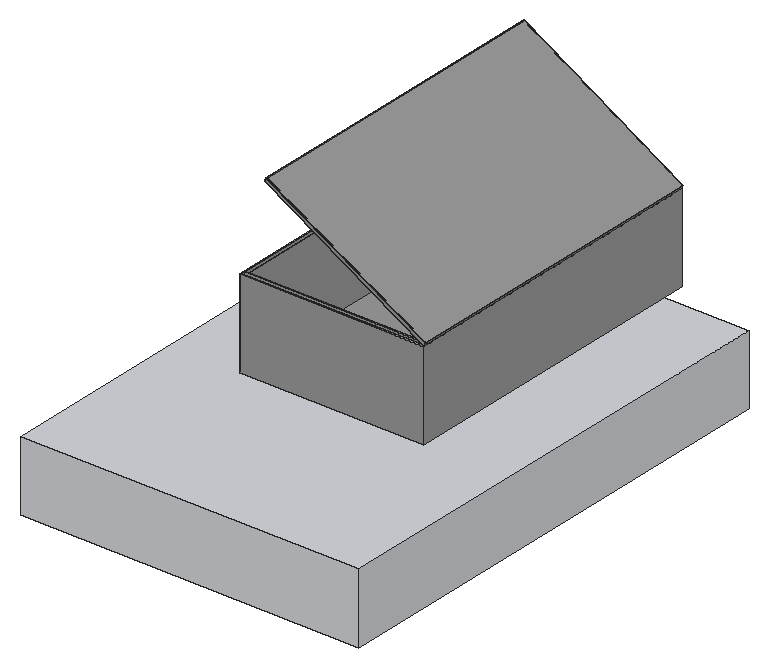
Revit family "Hager-Univers-IP55-D400-H1400-Cl.II-Steel_encl-BE-fr", category Equipement électrique, Revit 2020
Family settings
  Hôte = Face
  Configuration du panneau = Deux colonnes, circuits au sein
  Cote de connecteur circulaire = Utiliser le diamètre
  Type d'élément = Tableau de raccordement
  Couper avec des vides une fois chargée = Non
  Partagée = Non
  Point de calcul de pièce = Non
Parameters (values of type "saillie IP55 L800 H1400 P400  - FR93H")
  Width Control [instance] = if([EF000008 - largeur] > Min Width, [EF000008 - largeur], Min Width)  # 800 mm
  Commentaires du type = [HG000003 - Gamme]  # "Univers"
  Thickness Door [instance] = if([EF009171 - épaisseur de matériau de la porte/du couvercle] > 3 mm, 3 mm, [EF009171 - épaisseur de matériau de la porte/du couvercle])  # 1.5 mm
  Seal Frame Offset [instance] = 17 mm  # constant formula
  Plinth Visibility [instance] = [HG000027 - Hauteur du socle] > 0 mm  # no
  Model = ""
  Min Width [instance] = 100 mm  # constant formula
  Min Height [instance] = 100 mm  # constant formula
  Min Depth [instance] = (2 * [EF009170 - épaisseur de matériau du boîtier]) + 1 mm  # 4 mm
  Internal Frame Depth [instance] = (Door System Depth * 0.5)  # 9 mm
  Height Control [instance] = if([EF000040 - hauteur] > Min Height, [EF000040 - hauteur], Min Height)  # 1400 mm
  HG000027 - Hauteur du socle = 0 mm
  HG000026 - Installation au sol = no
  HG000024 - Hauteur de la section basse = 800 mm
  HG000023 - Armoire double section = no
  HG000016 - Visibilité de la porte 3D [instance] = yes
  HG000015 - Visibilité de l'emprise de la porte [instance] = no
  HG000014 - Porte à droite [instance] = yes
  HG000013 - Porte à gauche [instance] = not([HG000014 - Porte à droite])  # no
  HG000012 - Angle de pivotement de la porte [instance] = 30.00°
  HG000010 - Portes asymétriques = no
  HG000009 - Porte à double battant = no
  HG000006 - Encastré = no
  HG000004 - Référence fabricant = "FR93H"
  HG000003 - Gamme = "Univers"
  HG000002 - avec porte = yes
  Frame Offset Bottom [instance] = 10 mm  # constant formula
  Frame Offset [instance] = 15 mm  # constant formula
  EF015940 - couvercle avec décharge de pression = no
  EF011959 - degré de protection (NEMA) = ""
  EF009554 - nombre d'ouvertures pour plaques à bride = 6
  Fabricant = "Hager"  # constant formula
  EF009212 - finition du couvercle = "EV000116 - fermé"
  EF009171 - épaisseur de matériau de la porte/du couvercle = 1.5 mm
  EF009170 - épaisseur de matériau du boîtier = 1.5 mm
  EF008873 - courant nominal (In) = 800 A
  EF007800 - adapté à un parafoudre = no
  EF006306 - avec serrure = no
  EF006244 - couvercle/porte transparent(e) = no
  EF005474 - indice de protection (IP) = "EV006420 - IP55"
  EF004464 - type de porte = "EV002646 - unique"
  EF004427 - nombre de modules = 324
  EF004293 - indice de protection contre les chocs (IK) = "EV008784 - IK10"
  EF003532 - convient pour utilisation à l’extérieur = no
  EF002950 - largeur en nombre de modules = 24
  EF001613 - maintien de fonction = "EV000494 - sans"
  EF001596 - matériau du boîtier/corps = "EV000179 - acier"
  EF001131 - profondeur intérieure = 400 mm
  EF001088 - possibilité de montage en saillie = yes
  EF000437 - nombre d'entrées de conduit = 6
  EF000339 - type de capot = "EV004216 - porte"
  EF000266 - nombre de rangées = 9
  EF000218 - profondeur d'encastrement = 0 mm
  EF000118 - avec cadre/support de montage = no
  EF000116 - numéro RAL = "7035"
  EF000049 - profondeur = 400 mm
  EF000040 - hauteur = 1400 mm
  EF000008 - largeur = 800 mm
  EF000007 - couleur = "EV000270 - gris"
  EF000003 - mode de pose = "EV000384 - saillie"
  Door System Leaf Tolerance [instance] = 1.5 mm  # constant formula
  Door System Depth [instance] = 18 mm  # constant formula
  Door Height [instance] = Height Control - [HG000027 - Hauteur du socle]  # 1400 mm
  Depth Control [instance] = if([EF000049 - profondeur] > Min Depth, [EF000049 - profondeur], Min Depth)  # 400 mm
  Default Elevation = 0 mm
  Connector Offset [instance] = Height Control / 2  # 700 mm
  Bottom Top Plate Trim [instance] = 1.5 mm  # constant formula
  Plinth height Ctrl [instance] = if([HG000027 - Hauteur du socle] > 0 mm, [HG000027 - Hauteur du socle], 12 mm)  # 12 mm
Types (3, lengths in mm): name | Width Control | HG000009 - Porte à double battant | HG000004 - Référence fabricant | EF009554 - nombre d'ouvertures pour plaques à bride | EF004464 - type de porte | EF004427 - nombre de modules | EF000437 - nombre d'entrées de conduit | EF000008 - largeur
  saillie IP55 L1050 H1400 P400  - FR94H | 1050 | yes | "FR94H" | 8 | "EV003602 - double" | 432 | 8 | 1050
  saillie IP55 L550 H1400 P400  - FR92H | 550 | no | "FR92H" | 4 | "EV002646 - unique" | 216 | 4 | 550
  saillie IP55 L800 H1400 P400  - FR93H | 800 | no | "FR93H" | 6 | "EV002646 - unique" | 324 | 6 | 800
Reference planes
  plane 1 "Center (Front/Back)": y = 0
  plane 2: z = 0
  plane 3 "Center (Left/Right)": x = 0
  plane 4: z = 400
  plane 5: y = 1.5
  plane 6: y = 700
  plane 7: y = 0
  plane 8: y = 1400
  plane 9: z = 0
  plane 10: x = -385
  plane 11: x = 385
  plane 12: x = 383.5
  plane 13: x = -383.5
  plane 14: y = 1398.5
  plane 15: x = -383
  plane 16: x = -400
  plane 17: x = 383
  plane 18: x = 400
  plane 19: x = 398.5
  plane 20: x = -398.5
  plane 21: y = 11.5
  plane 22: y = 1400
  plane 23: y = 1383.5
  plane 24: z = 382
  plane 25: z = 1.5
  plane 26: z = 380.5
  plane 27: z = 398.5
Forms (mm)
  Extrusion 1, solid
    sketch origin (0, 0, 0) x (1, 0, 0) y (0, 1, 0)
      loop
        line (-702.964, 1305) -> (-702.964, -811.445) -> (766.763, -811.445) -> (766.763, 1305) -> (-702.964, 1305)
    from 0 to -304.8
  Extrusion 2, solid, material "Hager_Steel_RAL7035_Light_Grey", visible <- "Plinth Visibility", detail levels medium+fine
    sketch origin (0, 0, 0) x (1, 0, 0) y (0, 1, 0)
      loop
        line (-400, 0) -> (400, 0) -> (400, 12) -> (-400, 12) -> (-400, 0)
    from 0 to 382
  Extrusion 3, solid, material "Hager_Steel_RAL7035_Light_Grey", detail levels medium+fine
    sketch origin (0, 0, 0) x (1, 0, 0) y (0, 1, 0)
      loop
        line (-400, 0) -> (400, 0) -> (400, 1400) -> (-400, 1400) -> (-400, 0)
    from 0 to 382
  Extrusion 4, void
    sketch origin (0, 0, 0) x (1, 0, 0) y (0, 1, 0)
      loop
        line (-398.5, 1.5) -> (398.5, 1.5) -> (398.5, 1398.5) -> (-398.5, 1398.5) -> (-398.5, 1.5)
    from 1.5 to 380.5
  Extrusion 5, void
    sketch origin (-381.607, -4572, 382) x (0, -1, 0) y (-1, 0, 0)
      loop
        line (-4583.5, 1.893) -> (-5955.5, 1.893) -> (-5955.5, -765.107) -> (-4583.5, -765.107) -> (-4583.5, 1.893)
    from 0 to 1.5 <- "EF009170 - épaisseur de matériau du boîtier"
  Extrusion 6, solid, material "Hager_Steel_RAL7035_Light_Grey", detail levels fine
    sketch origin (0, 0, 382) x (1, 0, 0) y (0, 1, 0)
      loop
        line (-383.5, 1383.5) -> (-383.5, 11.5) -> (383.5, 11.5) -> (383.5, 1383.5) -> (-383.5, 1383.5)
      loop
        line (-385, 10) -> (385, 10) -> (385, 1385) -> (-385, 1385) -> (-385, 10)
    from 0 to 9 <- "Internal Frame Depth"
  Extrusion 7, solid, material "Hager_Steel_RAL7035_Light_Grey", detail levels coarse
    sketch origin (0, 0, 0) x (1, 0, 0) y (0, 1, 0)
      loop
        line (-400, 0) -> (400, 0) -> (400, 1400) -> (-400, 1400) -> (-400, 0)
    from 0 to 400
  Sweep 8, void
    path in 3D
      loop
        line (-400, 12, 0) -> (400, 12, 0) -> (400, 12, 382) -> (-400, 12, 382) -> (-400, 12, 0)
    profile origin (-400, 12, 191) x (-1, 0, 0) y (0, -1, 0)
      loop
        line (0, 0) -> (0, 1.5) -> (-1.5, 1.5)
        arc (-1.5, 1.5) -> (-1.061, 0.439) -> (0, 0) r 1.5
Cuts and joins
  Extrusion 4, Extrusion 5 cuts Extrusion 3
  Sweep 8 cuts Extrusion 2
Lines and regions (mm)
  Masking region 1
    outline origin (0, 0, 0) x (1, 0, 0) y (0, 0, 1)
      loop
        line (-400, 400) -> (-400, 0) -> (400, 0) -> (400, 400) -> (-400, 400)
  Masking region 2, detail levels medium+fine
    outline origin (0, 140, 0) x (0, 1, 0) y (0, 0, 1)
      loop
        line (-140, 0) -> (1260, 0) -> (1260, 382) -> (-140, 382) -> (-140, 0)
  Masking region 3, not visible, detail levels medium+fine
    outline origin (0, 297.922, 0) x (0, 1, 0) y (0, 0, 1)
      loop
        line (413.578, 0) -> (453.578, 0) -> (453.578, 388.5)
        arc (453.578, 388.5) -> (450.649, 395.571) -> (443.578, 398.5) r 10
        line (443.578, 398.5) -> (413.578, 398.5) -> (413.578, 0)
  Masking region 4, detail levels coarse
    outline origin (0, 0, 180) x (0, 1, 0) y (0, 0, 1)
      loop
        line (0, -180) -> (1400, -180) -> (1400, 220) -> (0, 220) -> (0, -180)
  Masking region 5, visible <- "Plinth Visibility", detail levels medium+fine
    outline origin (0, 52.24, 12.345) x (0, 0, -1) y (0, 1, 0)
      loop
        line (10.845, -40.24) -> (-368.155, -40.24)
        arc (-368.155, -40.24) -> (-368.594, -41.301) -> (-369.655, -41.74) r 1.5
        line (-369.655, -41.74) -> (-369.655, -52.24) -> (12.345, -52.24) -> (12.345, -41.74)
        arc (12.345, -41.74) -> (11.285, -41.301) -> (10.845, -40.24) r 1.5
  Masking region 6, detail levels medium+fine
    outline origin (-381.607, -4572, 382) x (-1, 0, 0) y (0, -1, 0)
      loop
        line (18.393, -5972) -> (18.393, -4572) -> (-781.607, -4572) -> (-781.607, -5972) -> (18.393, -5972)
  Masking region 7, visible <- "Plinth Visibility", detail levels medium+fine
    outline origin (-381.607, -4727, 382) x (-1, 0, 0) y (0, -1, 0)
      loop
        arc (16.893, -4739) -> (17.332, -4737.939) -> (18.393, -4737.5) r 1.5
        line (18.393, -4737.5) -> (18.393, -4727) -> (-781.607, -4727) -> (-781.607, -4737.5)
        arc (-781.607, -4737.5) -> (-780.546, -4737.939) -> (-780.107, -4739) r 1.5
        line (-780.107, -4739) -> (16.893, -4739)
  Masking region 8, detail levels coarse
    outline origin (-442.548, -4669.526, 382) x (-1, 0, 0) y (0, -1, 0)
      loop
        line (-42.548, -6069.526) -> (-42.548, -4669.526) -> (-842.548, -4669.526) -> (-842.548, -6069.526) -> (-42.548, -6069.526)
  sketch lines
    curve 1: line (-400, 12, 382) -> (-400, 12, 0)
    curve 2: line (400, 12, 382) -> (-400, 12, 382)
    curve 3: line (400, 12, 382) -> (400, 12, 0)
    curve 4: line (-400, 12, 0) -> (400, 12, 0)
Dimensions and locks
  "Depth Control": plane 4 to Extrusion 1
  "HG000027 - Hauteur du socle": plane 1 "Center (Front/Back)" to plane 7
  "EF009170 - épaisseur de matériau du boîtier": plane 5 to plane 7
  locked: connector elem to plane 3 "Center (Left/Right)"
  equal spacing: plane 8, plane 6, plane 7
  locked: connector elem to plane 6
  "EF009170 - épaisseur de matériau du boîtier": plane 8 to plane 14
  "EF009170 - épaisseur de matériau du boîtier": plane 10 to plane 13
  "EF009170 - épaisseur de matériau du boîtier": plane 12 to plane 11
  "Frame Offset": plane 20 to plane 13
  "Frame Offset": plane 12 to plane 19
  "EF009170 - épaisseur de matériau du boîtier": plane 16 to plane 20
  "EF009170 - épaisseur de matériau du boîtier": plane 19 to plane 18
  "Seal Frame Offset": plane 16 to plane 15
  "Seal Frame Offset": plane 17 to plane 18
  "Frame Offset Bottom": plane 21 to plane 5
  "Frame Offset": plane 14 to plane 23
  equal spacing: plane 16, plane 3 "Center (Left/Right)", plane 18
  "Width Control": plane 16 to plane 18
  "EF009170 - épaisseur de matériau du boîtier": plane 4 to plane 27
  "EF009170 - épaisseur de matériau du boîtier": plane 24 to plane 26
  "EF009170 - épaisseur de matériau du boîtier": plane 25 to level
  "Door System Depth": plane 4 to plane 24
  "Height Control": plane 1 "Center (Front/Back)" to Extrusion 7 sketch curve
  "Height Control": Masking region 4 sketch curve to plane 1 "Center (Front/Back)"
  "Height Control": plane 1 "Center (Front/Back)" to plane 22
  "Bottom Top Plate Trim": profile plane to Sweep 8 sketch curve
  "Bottom Top Plate Trim": Sweep 8 sketch curve to profile plane
  "Plinth height Ctrl": plane 1 "Center (Front/Back)" to Extrusion 2 sketch curve
  "Plinth height Ctrl": Masking region 5 sketch curve to plane 1 "Center (Front/Back)"
  "Plinth height Ctrl": plane 1 "Center (Front/Back)" to Masking region 7 sketch curve
  "Thickness Door": Extrusion 6 sketch curve to Extrusion 6 sketch curve  (x3)
  "Thickness Door": cut or joined group of Extrusion 3, Extrusion 4, Extrusion 5 to Extrusion 6 sketch curve
  radius of Masking region 3 sketch curve = 10 mm
  "Bottom Top Plate Trim": radius of Masking region 5 sketch curve  (x2)
  "Bottom Top Plate Trim": radius of Sweep 8 sketch curve
  "Bottom Top Plate Trim": radius of Masking region 7 sketch curve  (x2)
  aligned and locked: plane 2 to Extrusion 1
  aligned and locked: level to Extrusion 1
  aligned and locked: level to Masking region 1 sketch curve
  aligned and locked: Masking region 1 sketch curve to plane 18
  aligned and locked: Masking region 1 sketch curve to plane 16
  aligned and locked: plane 7 to Masking region 2 sketch curve
  aligned and locked: level to Masking region 3 sketch curve
  aligned and locked: Masking region 3 sketch curve to plane 27
  aligned and locked: level to Masking region 2 sketch curve
  aligned and locked: plane 1 "Center (Front/Back)" to Extrusion 2 sketch curve
  aligned and locked: Extrusion 3 sketch curve to plane 7
  aligned and locked: plane 16 to Extrusion 3 sketch curve
  aligned and locked: plane 18 to Extrusion 3 sketch curve
  aligned and locked: plane 20 to Extrusion 4 sketch curve
  aligned and locked: plane 19 to Extrusion 4 sketch curve
  aligned and locked: Extrusion 4 sketch curve to plane 5
  aligned and locked: Extrusion 4 to plane 25
  aligned and locked: plane 26 to Extrusion 4
  aligned and locked: plane 24 to Extrusion 3
  aligned and locked: Extrusion 5 sketch curve to plane 21
  aligned and locked: Extrusion 5 sketch curve to plane 13
  aligned and locked: Extrusion 5 sketch curve to plane 12
  aligned and locked: plane 18 to Extrusion 7 sketch curve
  aligned and locked: plane 1 "Center (Front/Back)" to Extrusion 7 sketch curve
  aligned and locked: plane 16 to Extrusion 7 sketch curve
  aligned and locked: plane 4 to Extrusion 7
  aligned and locked: Extrusion 7 to level
  aligned and locked: level to Masking region 4 sketch curve
  aligned and locked: Masking region 4 sketch curve to plane 1 "Center (Front/Back)"
  aligned and locked: Masking region 4 sketch curve to plane 4
  aligned and locked: nested 1 to level
  aligned and locked: nested 1 to plane 16
  aligned and locked: plane 8 to Extrusion 3 sketch curve
  aligned and locked: plane 23 to Extrusion 5 sketch curve
  aligned and locked: plane 14 to Extrusion 4 sketch curve
  aligned and locked: Masking region 2 sketch curve to plane 8
  aligned and locked: level to Masking region 5 sketch curve
  aligned and locked: plane 16 to Extrusion 2 sketch curve
  aligned and locked: plane 18 to Extrusion 2 sketch curve
  aligned and locked: Masking region 5 sketch curve to plane 24
  aligned and locked: Masking region 2 sketch curve to plane 24
  aligned and locked: plane 24 to Extrusion 2
  aligned and locked: profile plane to Sweep 8 sketch curve  (x2)
  aligned and locked: Masking region 6 sketch curve to plane 18
  aligned and locked: Masking region 6 sketch curve to plane 22
  aligned and locked: Masking region 6 sketch curve to plane 16
  aligned and locked: plane 8 to plane 22
  aligned and locked: Masking region 6 sketch curve to plane 7
  aligned and locked: Masking region 7 sketch curve to plane 16
  aligned and locked: Masking region 7 sketch curve to plane 1 "Center (Front/Back)"
  aligned and locked: Masking region 7 sketch curve to plane 18
  aligned and locked: Masking region 8 sketch curve to plane 1 "Center (Front/Back)"
  aligned and locked: Masking region 8 sketch curve to plane 18
  aligned and locked: Masking region 8 sketch curve to plane 22
  aligned and locked: Masking region 8 sketch curve to plane 16
  aligned and locked: nested 2 to plane 7
  aligned and locked: plane 3 "Center (Left/Right)" to nested 2
  aligned and locked: nested 2 to plane 24
  aligned and locked: Extrusion 6 sketch curve to cut or joined group of Extrusion 3, Extrusion 4, Extrusion 5  (x4)
Automatic sketch dimensions
  Extrusion 1 sketch curve to Extrusion 1 sketch curve = 1469.727 mm
  Extrusion 1 sketch curve to Extrusion 1 sketch curve = 2116.445 mm
  Masking region 1 sketch curve to plane 4 = 0 mm
  plane 6 to Masking region 3 sketch curve = 11.5 mm
  Masking region 3 sketch curve to Masking region 3 sketch curve = 30 mm
  Masking region 5 sketch curve to plane 1 "Center (Front/Back)" = 0 mm
Nested families
  nested 1: "Hager_Enclosure_Symbol" at (-400, 0, 0) x (1, 0, 0) z (0, -1, 0), Height <- "Depth Control", Width <- "Width Control", type "Hager_Enclosure_Symbol"
    with Width_Ctrl 800 mm, Width 800 mm, Height_Ctrl 400 mm, Height 400 mm, A_Width_Int 26.25 mm, A_Width 315 mm, A_Height_Ctrl 350 mm, A_Height 350 mm
  nested 2: "EC000058_Univers_Door" at (0, 0, 382) x (1, 0, 0) z (0, 1, 0), Leaf_Tolerance <- "Door System Leaf Tolerance", Angle <- "HG000012 - Angle de pivotement de la porte", Door_Depth <- "Door System Depth", Door_Left <- "HG000013 - Porte à gauche", Transparent <- "EF006244 - couvercle/porte transparent(e)", Assymetrical <- "HG000010 - Portes asymétriques", Width <- "Width Control", Clearance <- "HG000015 - Visibilité de l'emprise de la porte", Double <- "HG000009 - Porte à double battant", 3d_Door <- "HG000016 - Visibilité de la porte 3D", Lock_Visibility <- "EF006306 - avec serrure", Width_Ctrl <- "Width Control", Door_Right <- "HG000014 - Porte à droite", Door <- "HG000002 - avec porte", Height <- "Door Height", Thickness <- "Thickness Door", type "EC000058_Univers_Door", detail levels medium+fine
    with min_wh 4 mm, Width_Ctrl 800 mm, Width 800 mm, Transparent no, Thickness 1.5 mm, Seal_Material Hager_Rubber, Lock_Visibility no, Lock_Material Hager_Plastic_RAL9005_Jet_Black, Leaf_Width 800 mm, Leaf_Tolerance_External_Sides 0 mm, Leaf_Tolerance 1.5 mm, Leaf_Offset 0 mm, Leaf_Height 1397 mm, Leaf_2_Width 800 mm, Leaf_2_Offset 400 mm, Leaf_1_Width 800 mm, Leaf_1_Offset 400 mm, Height_Ctrl 1400 mm, Height 1400 mm, Glass_Material Hager_Glass, Double_Clearance_Ctrl no, Double no, Door_Right_Ctrl yes, Door_Right yes, Door_Material Hager_Steel_RAL7035_Light_Grey, Door_Left_Ctrl no, Door_Left no, Door_Depth 18 mm, Door yes, Clearance_Material Hager_Clearance, Clearance_Depth 800 mm, Clearance_Ctrl no, Clearance no, Assymetrical no, Angle 30.00°, 3d_Door yes
Connectors
  electrical at (0, 700, 0)
    settings: on plane 9, index 1, voltage 0 V, apparent load 0 VA, apparent load phase1 0 VA, apparent load phase2 0 VA, apparent load phase3 0 VA, power factor 1, load classification "Other", number of poles 1, system type 30, power factor state 1, is connector primary yes, connector utility no, sub classification motor no, connector description ""
Definition of nested family "EC000058_Univers_Door"
  Parameters (values of type "EC000058_Univers_Door")
    min_wh [instance] = (2 * Thickness) + 1 mm  # 11 mm
    Width_Ctrl [instance] = 400 mm
    Width [instance] = 500 mm
    Transparent [instance] = yes
    Thickness [instance] = 5 mm
    Seal_Material [instance] = none
    Lock_Visibility [instance] = yes
    Lock_Material [instance] = none
    Leaf_Width [instance] = if((Width_Ctrl - 2 * Leaf_Tolerance_External_Sides) > 0 mm, (Width_Ctrl - 2 * Leaf_Tolerance_External_Sides), min_wh)  # 400 mm
    Leaf_Tolerance_External_Sides [instance] = 0 mm  # constant formula
    Leaf_Tolerance [instance] = 1.5 mm
    Leaf_Offset [instance] = 0 mm  # constant formula
    Leaf_Height [instance] = if((Height_Ctrl - 2 * Leaf_Tolerance) > 0 mm, (Height_Ctrl - 2 * Leaf_Tolerance), min_wh)  # 497 mm
    Leaf_2_Width [instance] = if(and(and(Double, Assymetrical), Door_Left), (Leaf_Width / 3) - (Leaf_Tolerance / 2), if(and(and(Double, Assymetrical), Door_Right), (Leaf_Width / 3) * 2 - (Leaf_Tolerance / 2), if(and(Double, not(Assymetrical)), (Leaf_Width / 2) - Leaf_Tolerance, Leaf_Width)))  # 400 mm
    Leaf_2_Offset [instance] = if(and(Double, Assymetrical), Leaf_2_Width / 2, if(and(Double, not(Assymetrical)), Leaf_Width / 4, Leaf_Width / 2))  # 200 mm
    Leaf_1_Width [instance] = if(and(and(Double, Assymetrical), Door_Right), (Leaf_Width / 3) - (Leaf_Tolerance / 2), if(and(and(Double, Assymetrical), Door_Left), (Width / 3) * 2 - (Leaf_Tolerance / 2), if(and(Double, not(Assymetrical)), (Leaf_Width / 2) - Leaf_Tolerance, Leaf_Width)))  # 400 mm
    Leaf_1_Offset [instance] = if(and(Double, Assymetrical), Leaf_1_Width / 2, if(and(Double, not(Assymetrical)), Leaf_Width / 4, Leaf_Width / 2))  # 200 mm
    Height_Ctrl [instance] = if(Height > min_wh, Height, min_wh)  # 500 mm
    Height [instance] = 500 mm
    Glass_Material [instance] = none
    Double_Clearance_Ctrl [instance] = and(Double, Clearance)  # no
    Double [instance] = no
    Door_Right_Ctrl [instance] = and(or(Door_Right, Double), Door)  # yes
    Door_Right [instance] = yes
    Door_Material [instance] = none
    Door_Left_Ctrl [instance] = and(or(Door_Left, Double), Door)  # no
    Door_Left [instance] = no
    Door_Depth [instance] = 30 mm
    Door [instance] = yes
    Default Elevation = 1219.2 mm
    Clearance_Material [instance] = none
    Clearance_Depth [instance] = if(Leaf_1_Width > Leaf_2_Width, Leaf_1_Width, Leaf_2_Width)  # 400 mm
    Clearance_Ctrl [instance] = and(not(Double), Clearance)  # yes
    Clearance [instance] = yes
    Assymetrical [instance] = yes
    Angle [instance] = 30.00°
    3d_Door [instance] = yes
  Reference planes
    plane 1 "Center (Front/Back)": y = 0
    plane 2 "Bottom": z = 0
    plane 3 "Center (Left/Right)": x = 0
    plane 4: z = 500
    plane 5: x = -200
    plane 6: x = 200
    plane 7: z = 500
    plane 8: x = -200
    plane 9: z = 0
    plane 10: x = 200
    plane 11: y = 0
    plane 12: z = 1.5
    plane 13: x = -600
    plane 14: y = -400
    plane 15: x = 600
    plane 16: x = 0
    plane 17: x = 0
    plane 18: x = -200
    plane 19: x = 200
    plane 20: z = 498.5
  Forms (mm)
    Extrusion 1, solid, material <- "Clearance_Material", visible <- "Double_Clearance_Ctrl"
      sketch origin (1200, 0, 0) x (1, 0, 0) y (0, 0, -1)
        loop
          line (-1800, -498.5) -> (-600, -498.5) -> (-600, 0) -> (-1800, 0) -> (-1800, -498.5)
      from 0 to -400
  Dimensions and locks
    equal spacing: plane 5, plane 3 "Center (Left/Right)", plane 6
    "Width_Ctrl": plane 5 to plane 6
    "Leaf_Offset": plane 5 to plane 8
    "Leaf_Offset": plane 6 to plane 10
    "Leaf_Offset": plane 9 to level
    "Leaf_Offset": plane 4 to plane 7
    "Height_Ctrl": plane 4 to level
    "Leaf_Tolerance": plane 12 to plane 9
    locked: plane 11 to plane 1 "Center (Front/Back)"
    "Leaf_1_Offset": plane 18 to plane 16
    "Leaf_2_Offset": plane 17 to plane 19
    "Leaf_1_Width": plane 13 to plane 8
    "Leaf_2_Width": plane 10 to plane 15
    "Clearance_Depth": plane 14 to plane 1 "Center (Front/Back)"
    "Leaf_Tolerance_External_Sides": plane 8 to plane 18
    "Leaf_Tolerance_External_Sides": plane 19 to plane 10
    "Leaf_Tolerance": plane 7 to plane 20
    aligned and locked: level to plane 2 "Bottom"
    aligned and locked: nested 1 to plane 16
    aligned and locked: nested 2 to plane 17
    aligned and locked: Extrusion 1 to plane 13
    aligned and locked: plane 15 to Extrusion 1
    aligned and locked: Extrusion 1 to plane 14
    aligned and locked: plane 12 to nested 1
    aligned and locked: nested 2 to plane 12
    aligned and locked: Extrusion 1 to plane 11
    aligned and locked: plane 20 to Extrusion 1
    aligned and locked: nested 2 to plane 11
    aligned and locked: nested 1 to plane 11
  Automatic sketch dimensions
    Extrusion 1 sketch curve to level = 0 mm
    plane 5 to Extrusion 1 sketch curve = 400 mm
    plane 6 to Extrusion 1 sketch curve = 400 mm
    Extrusion 1 sketch curve to plane 4 = 1.5 mm
  Nested families
    nested 1: "EC000058_Univers_Door_Leaf" at (0, 0, 1.5), Width <- "Leaf_1_Width", visible <- "Door_Left_Ctrl", Leaf_Height <- "Leaf_Height", Angle <- "Angle", 3d_Door <- "3d_Door", Transparent <- "Transparent", Clearance Material <- "Clearance_Material", Clearance <- "Clearance_Ctrl", Door_Material <- "Door_Material", Glass_Material <- "Glass_Material", Door_Depth <- "Door_Depth", Lock_Material <- "Lock_Material", Seal_Material <- "Seal_Material", Lock_Visibility <- "Lock_Visibility", Thickness <- "Thickness", type "EC000058_Univers_Door_Leaf"
      with Width 400 mm, Transparent_Glass_Offset 30 mm, Transparent_Ctrl yes, Transparent yes, Thickness 5 mm, Standard no, Seal_Material none, Seal_D2 8 mm, Seal_D1 1 mm, Offset_Internal_Frame 10 mm, Lock_Width 20 mm, Lock_Visibility_3d yes, Lock_Visibility yes, Lock_Thickness_3 3 mm, Lock_Thickness_2 1 mm, Lock_Thickness_1 3 mm, Lock_Radius_Offset_2 16 mm, Lock_Radius_Offset_1 15 mm, Lock_Radius_2 5 mm, Lock_Radius 6 mm, Lock_Offset 5 mm, Lock_Material none, Lock_Height 80 mm, Lock_Cover_Top_Offset_2d 17 mm, Lock_Cover_Height -65 mm, Leaf_Height 497 mm, Internal_Seal_Thickness 8 mm, Internal_Seal_Depth_2 4.5 mm, Internal_Frame_Depth 25 mm, Glass_Thickness -1 mm, Glass_Offset -2 mm, Glass_Material none, Door_Material none, Door_Depth 30 mm, Clearance Material none, Clearance yes, Angle_Ctrl 30.00°, Angle 30.00°, 3d_Door yes
    nested 2: "EC000058_Univers_Door_Leaf" at (0, 0, 1.5) x (-1, 0, 0) z (0, 0, 1), Width <- "Leaf_2_Width", visible <- "Door_Right_Ctrl", Leaf_Height <- "Leaf_Height", Angle <- "Angle", 3d_Door <- "3d_Door", Transparent <- "Transparent", Clearance Material <- "Clearance_Material", Clearance <- "Clearance_Ctrl", Door_Material <- "Door_Material", Glass_Material <- "Glass_Material", Door_Depth <- "Door_Depth", Lock_Material <- "Lock_Material", Seal_Material <- "Seal_Material", Lock_Visibility <- "Lock_Visibility", Thickness <- "Thickness", type "EC000058_Univers_Door_Leaf"
      with Width 400 mm, Transparent_Glass_Offset 30 mm, Transparent_Ctrl yes, Transparent yes, Thickness 5 mm, Standard no, Seal_Material none, Seal_D2 8 mm, Seal_D1 1 mm, Offset_Internal_Frame 10 mm, Lock_Width 20 mm, Lock_Visibility_3d yes, Lock_Visibility yes, Lock_Thickness_3 3 mm, Lock_Thickness_2 1 mm, Lock_Thickness_1 3 mm, Lock_Radius_Offset_2 16 mm, Lock_Radius_Offset_1 15 mm, Lock_Radius_2 5 mm, Lock_Radius 6 mm, Lock_Offset 5 mm, Lock_Material none, Lock_Height 80 mm, Lock_Cover_Top_Offset_2d 17 mm, Lock_Cover_Height -65 mm, Leaf_Height 497 mm, Internal_Seal_Thickness 8 mm, Internal_Seal_Depth_2 4.5 mm, Internal_Frame_Depth 25 mm, Glass_Thickness -1 mm, Glass_Offset -2 mm, Glass_Material none, Door_Material none, Door_Depth 30 mm, Clearance Material none, Clearance yes, Angle_Ctrl 30.00°, Angle 30.00°, 3d_Door yes
  Definition of nested family "EC000058_Univers_Door_Leaf"
    Parameters (values of type "EC000058_Univers_Door_Leaf")
      Width [instance] = 2000 mm
      Transparent_Glass_Offset [instance] = 30 mm
      Transparent_Ctrl [instance] = and(Transparent, [3d_Door])  # yes
      Transparent [instance] = yes
      Thickness [instance] = 5 mm
      Standard [instance] = and(not(Transparent), [3d_Door])  # no
      Seal_Material [instance] = none
      Seal_D2 [instance] = 8 mm  # constant formula
      Seal_D1 [instance] = 1 mm  # constant formula
      Offset_Internal_Frame [instance] = 10 mm  # constant formula
      Lock_Width [instance] = 20 mm  # constant formula
      Lock_Visibility_3d [instance] = and(Lock_Visibility, [3d_Door])  # yes
      Lock_Visibility [instance] = yes
      Lock_Thickness_3 [instance] = 3 mm  # constant formula
      Lock_Thickness_2 [instance] = 1 mm  # constant formula
      Lock_Thickness_1 [instance] = 3 mm  # constant formula
      Lock_Radius_Offset_2 [instance] = Lock_Radius_Offset_1 + 1 mm  # 16 mm
      Lock_Radius_Offset_1 [instance] = 15 mm  # constant formula
      Lock_Radius_2 [instance] = Lock_Radius - 1 mm  # 5 mm
      Lock_Radius [instance] = 6 mm  # constant formula
      Lock_Offset [instance] = 5 mm  # constant formula
      Lock_Material [instance] = none
      Lock_Height [instance] = 80 mm  # constant formula
      Lock_Cover_Top_Offset_2d [instance] = Lock_Radius_Offset_2 + 1 mm  # 17 mm
      Lock_Cover_Height [instance] = -(Lock_Height - Lock_Radius_Offset_1)  # -65 mm
      Leaf_Height [instance] = 2720.336 mm
      Internal_Seal_Thickness [instance] = 8 mm  # constant formula
      Internal_Seal_Depth_2 [instance] = 4.5 mm  # constant formula
      Internal_Frame_Depth [instance] = if(Door_Depth - Thickness > 5 mm, Door_Depth - Thickness, 5 mm)  # 25 mm
      Glass_Thickness [instance] = if(Thickness > 15 mm, Glass_Offset + 10 mm, -1 mm)  # -1 mm
      Glass_Offset [instance] = if(Thickness > 15 mm, -(Thickness + 10 mm) / 2, -2 mm)  # -2 mm
      Glass_Material [instance] = none
      Door_Material [instance] = none
      Door_Depth [instance] = 30 mm
      Default Elevation = 0 mm
      Clearance Material [instance] = none
      Clearance [instance] = yes
      Angle_Ctrl [instance] = if(Angle > 180.00°, 180.00°, Angle)  # 90.00°
      Angle [instance] = 90.00°
      3d_Door [instance] = yes
    Reference planes
      plane 1 "Center (Front/Back)": y = 0
      plane 2: z = 0
      plane 3 "Center (Left/Right)": x = 0
      plane 4: y = 2000
      plane 5: x = -1000
      plane 6: x = 1000
      plane 7: x = -3000
      plane 8: z = 2720.336
      plane 9: z = 30
      plane 10: z = 2690.336
      plane 11: x = 970
      plane 12: x = -970
      plane 13: y = -3
      plane 14: z = 107.833
      plane 15: y = -5
      plane 16: y = -223.314
      plane 17: x = -1000
      plane 18: z = 1360.168
      plane 19: y = 30
    Forms (mm)
      Extrusion 1, solid, material <- "Clearance Material", visible <- "Clearance"
        sketch origin (0, 0, 0) x (1, 0, 0) y (0, 0, 1)
          loop
            line (-3000, 2720.336) -> (-3000, 0) -> (1000, 0) -> (1000, 2720.336) -> (-3000, 2720.336)
        from 0 to -2000
      Extrusion 2, solid, material <- "Door_Material", visible <- "Standard", detail levels medium+fine
        sketch origin (-1000, 0, 0) x (0, 1, 0) y (-1, 0, 0)
          loop
            line (0, 30) -> (0, 25) -> (2000, 25) -> (2000, 30) -> (0, 30)
        from 0 to 2720.336 <- "Leaf_Height"
      Extrusion 3, solid, material <- "Door_Material", visible <- "Transparent_Ctrl", detail levels medium+fine
        sketch origin (-1000, 0, 0) x (0, 1, 0) y (-1, 0, 0)
          loop
            line (0, 25) -> (2000, 25) -> (2000, 30) -> (0, 30) -> (0, 25)
        from 0 to 2720.336 <- "Leaf_Height"
      Extrusion 4, void
        sketch origin (-1025, 2000, 0) x (0, 1, 0) y (0, 0, -1)
          loop
            line (-30, -2690.336) -> (-30, -30) -> (-1970, -30) -> (-1970, -2690.336) -> (-30, -2690.336)
        from 0 to 5 <- "Thickness"
      Sweep 5, solid, material <- "Seal_Material", visible <- "Transparent_Ctrl", detail levels fine
        path in 3D
          loop
            line (-1025, 30, 30) -> (-1025, 30, 2690.336) -> (-1025, 1970, 2690.336) -> (-1025, 1970, 30) -> (-1025, 30, 30)
        profile origin (-1025, 1000, 30) x (1, 0, 0) y (0, 0, 1)
          loop
            line (0, 0) -> (0, -8) -> (1, -8) -> (1, 0) -> (0, 0)
      Extrusion 6, solid, material <- "Glass_Material", visible <- "Transparent_Ctrl", detail levels medium+fine
        sketch origin (-1030, 0, 0) x (0, 1, 0) y (0, 0, -1)
          loop
            line (1970, -2690.336) -> (1970, -30) -> (30, -30) -> (30, -2690.336) -> (1970, -2690.336)
        from -2 <- "Glass_Offset" to -1 <- "Glass_Thickness"
      Extrusion 7, solid, material <- "Door_Material", visible <- "3d_Door", detail levels medium+fine
        sketch origin (-1025, 2000, 0) x (0, -1, 0) y (0, 0, -1)
          loop
            line (0, -2720.336) -> (2000, -2720.336) -> (2000, 0) -> (0, 0) -> (0, -2720.336)
          loop
            line (1995, -5) -> (5, -5) -> (5, -2715.336) -> (1995, -2715.336) -> (1995, -5)
        from 0 to 25 <- "Internal_Frame_Depth"
      Sweep 8, solid, material <- "Seal_Material", visible <- "Transparent_Ctrl", detail levels fine
        path in 3D
          loop
            line (-1025, 0, 0) -> (-1025, 2000, 0) -> (-1025, 2000, 2720.336) -> (-1025, 0, 2720.336) -> (-1025, 0, 0)
        profile origin (-1025, 0, 1360.168) x (1, 0, 0) y (0, 1, 0)
          loop
            line (0, 10) -> (2.975, 10)
            arc (2.975, 10) -> (4.053, 10.447) -> (4.5, 11.525) r 1.525
            line (4.5, 11.525) -> (4.5, 16.527)
            arc (4.5, 16.527) -> (4.069, 17.569) -> (3.027, 18) r 1.473
            line (3.027, 18) -> (0, 18) -> (0, 10)
      Extrusion 9, solid, material <- "Lock_Material", visible <- "Lock_Visibility_3d", detail levels fine
        sketch origin (-1030, 0, 0) x (0, 1, 0) y (0, 0, -1)
          loop
            arc (1993.5, -1400.168) -> (1994.561, -1399.729) -> (1995, -1398.668) r 1.5
            line (1995, -1398.668) -> (1995, -1320.168) -> (1975, -1320.168) -> (1975, -1398.668)
            arc (1975, -1398.668) -> (1975.439, -1399.729) -> (1976.5, -1400.168) r 1.5
            line (1976.5, -1400.168) -> (1993.5, -1400.168)
        from 3 <- "Lock_Thickness_1" to 0
      Blend 10, solid, material <- "Lock_Material", visible <- "Lock_Visibility_3d", detail levels fine
        base sketch origin (-1033, 0, 0) x (0, 1, 0) y (0, 0, -1)
          loop
            line (1975, -1320.168) -> (1975, -1398.668)
            arc (1975, -1398.668) -> (1975.439, -1399.729) -> (1976.5, -1400.168) r 1.5
            line (1976.5, -1400.168) -> (1993.5, -1400.168)
            arc (1993.5, -1400.168) -> (1994.561, -1399.729) -> (1995, -1398.668) r 1.5
            line (1995, -1398.668) -> (1995, -1320.168) -> (1975, -1320.168)
        top sketch origin (-1033, 0, 0) x (0, 1, 0) y (0, 0, -1)
          loop
            line (1976, -1320.168) -> (1976, -1398.668)
            arc (1976, -1398.668) -> (1976.146, -1399.022) -> (1976.5, -1399.168) r 0.5
            line (1976.5, -1399.168) -> (1993.5, -1399.168)
            arc (1993.5, -1399.168) -> (1993.854, -1399.022) -> (1994, -1398.668) r 0.5
            line (1994, -1398.668) -> (1994, -1320.168) -> (1976, -1320.168)
        from 0 to 1 <- "Lock_Thickness_2"
      Blend 11, solid, material <- "Lock_Material", visible <- "Lock_Visibility_3d", detail levels fine
        base sketch origin (-1034, 0, 0) x (0, 1, 0) y (0, 0, -1)
          loop
            line (1978, -1320.168) -> (1978, -1384.168)
            arc (1978, -1384.168) -> (1985, -1391.168) -> (1992, -1384.168) r 7
            line (1992, -1384.168) -> (1992, -1320.168) -> (1978, -1320.168)
        top sketch origin (-1034, 0, 0) x (0, 1, 0) y (0, 0, -1)
          loop
            line (1991, -1320.168) -> (1979, -1320.168) -> (1979, -1383.168)
            arc (1979, -1383.168) -> (1985, -1389.168) -> (1991, -1383.168) r 6
            line (1991, -1383.168) -> (1991, -1320.168)
        from 0 to 3 <- "Lock_Thickness_3"
      Extrusion 12, solid, material <- "Lock_Material", visible <- "Lock_Visibility_3d", detail levels fine
        sketch origin (-1030, 1975, 1320.168) x (1, 0, 0) y (0, -1, 0)
          loop
            line (-7, -19) -> (-7, -1) -> (0, -1) -> (0, 0) -> (-8, 0) -> (-8, -20) -> (0, -20) -> (0, -19) -> (-7, -19)
        from 0 to -65 <- "Lock_Cover_Height"
      Extrusion 13, void
        sketch origin (-1038, 1995, 1320.168) x (-1, 0, 0) y (0, 0, -1)
          loop
            line (-5, -65) -> (0, -65) -> (-5, -60) -> (-5, -65)
        from 0 to 20 <- "Lock_Width"
      Extrusion 14, void
        sketch origin (-1038, 1975, 1320.168) x (0, -1, 0) y (0, 0, -1)
          loop
            circle (-10, -15.995) r 6
          loop
            circle (-10, -15.995) r 5
        from 0 to 2
      Extrusion 15, solid, material <- "Lock_Material", visible <- "Lock_Visibility_3d", detail levels medium
        sketch origin (-1030, 0, 0) x (0, 1, 0) y (0, 0, -1)
          loop
            arc (1993.5, -1400.168) -> (1994.561, -1399.729) -> (1995, -1398.668) r 1.5
            line (1995, -1398.668) -> (1995, -1320.168) -> (1975, -1320.168) -> (1975, -1398.668)
            arc (1975, -1398.668) -> (1975.439, -1399.729) -> (1976.5, -1400.168) r 1.5
            line (1976.5, -1400.168) -> (1993.5, -1400.168)
        from 8 to 0
    Cuts and joins
      Extrusion 4 cuts Extrusion 3
      Extrusion 13, Extrusion 14 cuts Extrusion 9
      Extrusion 14 cuts Blend 11
      Extrusion 13, Extrusion 14 cuts Extrusion 12
      joined: Extrusion 9, Blend 10, Blend 11, Extrusion 12
      Extrusion 14 cuts Extrusion 15
    Lines and regions (mm)
      Masking region 1, visible <- "Lock_Visibility", detail levels fine
        outline origin (0, 0, 0) x (0, 1, 0) y (0, 0, 1)
          loop
            line (30, 1320.168) -> (33, 1320.168) -> (33, 1400.168) -> (30, 1400.168) -> (30, 1320.168)
      Masking region 2, visible <- "Lock_Visibility", detail levels fine
        outline origin (0, 3.143, 0) x (0, 1, 0) y (0, 0, 1)
          loop
            line (29.857, 1354.168) -> (30.857, 1354.168) -> (30.857, 1366.168) -> (29.857, 1366.168) -> (29.857, 1354.168)
      Masking region 3, detail levels medium+fine
        outline origin (0, 0, 0) x (0, 1, 0) y (0, 0, 1)
          loop
            line (0, 0) -> (30, 0) -> (30, 2720.336) -> (0, 2720.336) -> (0, 0)
      Masking region 4, detail levels medium+fine
        outline origin (0, 0, 0) x (1, 0, 0) y (0, 0, 1)
          loop
            line (-1000, 2720.336) -> (-1000, 0) -> (1000, 0) -> (1000, 2720.336) -> (-1000, 2720.336)
      Masking region 5, visible <- "Lock_Visibility", detail levels fine
        outline origin (-47.116, 0, 0) x (1, 0, 0) y (0, 0, 1)
          loop
            arc (1024.616, 1399.168) -> (1023.556, 1398.729) -> (1023.116, 1397.668) r 1.5
            line (1023.116, 1397.668) -> (1023.116, 1320.168) -> (1041.116, 1320.168) -> (1041.116, 1397.668)
            arc (1041.116, 1397.668) -> (1040.677, 1398.729) -> (1039.616, 1399.168) r 1.5
            line (1039.616, 1399.168) -> (1024.616, 1399.168)
      Masking region 6, visible <- "Lock_Visibility", detail levels medium+fine
        outline origin (-25, 0, 0) x (1, 0, 0) y (0, 0, 1)
          loop
            arc (1001.5, 1400.168) -> (1000.439, 1399.729) -> (1000, 1398.668) r 1.5
            line (1000, 1398.668) -> (1000, 1320.168) -> (1020, 1320.168) -> (1020, 1398.668)
            arc (1020, 1398.668) -> (1019.561, 1399.729) -> (1018.5, 1400.168) r 1.5
            line (1018.5, 1400.168) -> (1001.5, 1400.168)
      Masking region 7, visible <- "Lock_Visibility", detail levels fine
        outline origin (-73.735, 0, 0) x (1, 0, 0) y (0, 0, 1)
          loop
            line (1051.735, 1382.168) -> (1065.735, 1382.168) -> (1065.735, 1384.168)
            arc (1065.735, 1384.168) -> (1058.735, 1391.168) -> (1051.735, 1384.168) r 7
            line (1051.735, 1384.168) -> (1051.735, 1382.168)
      Masking region 8, visible <- "Lock_Visibility", detail levels fine
        outline origin (-73.735, 0, 0) x (1, 0, 0) y (0, 0, 1)
          loop
            line (1052.735, 1382.168) -> (1064.735, 1382.168) -> (1064.735, 1383.168)
            arc (1064.735, 1383.168) -> (1058.735, 1389.168) -> (1052.735, 1383.168) r 6
            line (1052.735, 1383.168) -> (1052.735, 1382.168)
      Masking region 9, visible <- "Lock_Visibility", detail levels fine
        outline origin (-25, 0, 0) x (1, 0, 0) y (0, 0, 1)
          loop
            line (1020, 1320.168) -> (1020, 1382.168) -> (1000, 1382.168) -> (1000, 1320.168) -> (1020, 1320.168)
      Masking region 10, detail levels medium+fine
        outline origin (0, 0, 0) x (1, 0, 0) y (0, 0, 1)
          loop
            circle (985, 1335.144) r 6
      Masking region 11, detail levels fine
        outline origin (0, 0, 0) x (1, 0, 0) y (0, 0, 1)
          loop
            circle (985, 1335.144) r 5
      Masking region 12, visible <- "Lock_Visibility", detail levels fine
        outline origin (0, 12.767, 0) x (0, 1, 0) y (0, 0, 1)
          loop
            line (20.233, 1320.168) -> (21.233, 1320.168) -> (21.233, 1399.168) -> (20.233, 1400.168) -> (20.233, 1320.168)
      Masking region 13, visible <- "Lock_Visibility", detail levels fine
        outline origin (0, 13.767, -10) x (0, 1, 0) y (0, 0, 1)
          loop
            line (20.233, 1330.168) -> (23.233, 1330.168) -> (23.233, 1399.168) -> (20.233, 1402.168) -> (20.233, 1330.168)
      Masking region 14, visible <- "Lock_Visibility", detail levels fine
        outline origin (0, 12.767, -10) x (0, 1, 0) y (0, 0, 1)
          loop
            line (20.233, 1330.168) -> (25.233, 1330.168) -> (25.233, 1399.305) -> (20.233, 1394.305) -> (20.233, 1330.168)
      Masking region 15, visible <- "Lock_Visibility", detail levels medium
        outline origin (0, 0, 0) x (0, 1, 0) y (0, 0, 1)
          loop
            line (30, 1320.168) -> (38, 1320.168) -> (38, 1400.168) -> (30, 1400.168) -> (30, 1320.168)
      Masking region 16, visible <- "Lock_Visibility", detail levels fine
        outline origin (-1000, 0, 0) x (0, 1, 0) y (-1, 0, 0)
          loop
            line (1975, 30) -> (1995, 30) -> (1995, 38) -> (1975, 38) -> (1975, 30)
          loop
            line (1979, 37) -> (1976, 37) -> (1976, 34) -> (1978, 34) -> (1979, 37)
          loop
            line (1994, 37) -> (1991, 37) -> (1992, 34) -> (1994, 34) -> (1994, 37)
      Masking region 17, visible <- "Lock_Visibility", detail levels medium
        outline origin (-1000, 0, 0) x (0, 1, 0) y (-1, 0, 0)
          loop
            line (1975, 30) -> (1995, 30) -> (1995, 38) -> (1975, 38) -> (1975, 30)
      symbolic lines
        curve 1: line (1000, 0, 0) -> (-3000, 0, 0)
        curve 2: arc (1000, 0, 0) -> (-1000, 2000, 0) -> (-3000, 0, 0) r 2000
        curve 4: line (-1030, 0, 0) -> (-1030, 2000, 0)
      reference lines
        curve 3: line (-1000, 0, 0) -> (-1000, 2000, 0)
      symbolic lines, detail levels medium+fine
        curve 5: line (-1030, 2000, 0) -> (-1025, 2000, 0)
        curve 7: line (-1025, 0, 0) -> (-1030, 0, 0)
        curve 8: line (-1025, 0, 0) -> (-1000, 0, 0)
        curve 9: line (-1000, 0, 0) -> (-1000, 2000, 0)
        curve 10: line (-1000, 2000, 0) -> (-1025, 2000, 0)
      symbolic lines, detail levels fine
        curve 6: line (-1025, 2000, 0) -> (-1025, 0, 0)
      sketch lines
        curve 11: line (-1025, 0, 2720.336) -> (-1025, 0, 0)
        curve 12: line (-1025, 2000, 0) -> (-1025, 0, 0)
        curve 13: line (-1025, 2000, 2720.336) -> (-1025, 2000, 0)
        curve 14: line (-1025, 0, 2720.336) -> (-1025, 2000, 2720.336)
        curve 15: line (-1025, 1970, 30) -> (-1025, 30, 30)
        curve 16: line (-1025, 30, 30) -> (-1025, 30, 2690.336)
        curve 17: line (-1025, 1970, 2690.336) -> (-1025, 1970, 30)
        curve 18: line (-1025, 30, 2690.336) -> (-1025, 1970, 2690.336)
      symbolic lines, visible <- "Transparent", detail levels medium+fine
        curve 19: line (-970, 0, 2690.336) -> (970, 0, 2690.336)
        curve 20: line (-970, 0, 30) -> (-970, 0, 2690.336)
        curve 21: line (970, 0, 30) -> (-970, 0, 30)
        curve 22: line (970, 0, 2690.336) -> (970, 0, 30)
    Dimensions and locks
      "Width": plane 1 "Center (Front/Back)" to plane 4
      equal spacing: plane 5, plane 3 "Center (Left/Right)", plane 6
      "Width": plane 5 to plane 6
      "Width": plane 7 to plane 5
      "Leaf_Height": plane 8 to level
      "Width": curve 5 to curve 3
      "Width": curve 3 to curve 3
      plane 8 to plane 10 = 30 mm
      plane 9 to level = 30 mm
      plane 12 to plane 5 = 30 mm
      plane 6 to plane 11 = 30 mm
      Extrusion 1 to Extrusion 4 sketch curve = 30 mm
      "Transparent_Glass_Offset": curve 3 to Extrusion 4 sketch curve
      "Transparent_Glass_Offset": Extrusion 4 sketch curve to cut or joined group of Extrusion 3, Extrusion 4  (x2)
      cut or joined group of Extrusion 3, Extrusion 4 to Extrusion 6 sketch curve = 30 mm
      "Transparent_Glass_Offset": cut or joined group of Extrusion 3, Extrusion 4 to Extrusion 4 sketch curve
      "Thickness": curve 6 to curve 4
      "Thickness": Extrusion 7 sketch curve to Extrusion 7 sketch curve  (x4)
      "Door_Depth": curve 4 to curve 3
      "Offset_Internal_Frame": profile plane to Sweep 8 sketch curve
      "Internal_Seal_Thickness": Sweep 8 sketch curve to Sweep 8 sketch curve
      "Internal_Seal_Depth_2": profile plane to Sweep 8 sketch curve
      "Seal_D1": profile plane to Sweep 5 sketch curve
      "Seal_D2": profile plane to Sweep 5 sketch curve
      "Thickness": Extrusion 2 sketch curve to Extrusion 2 sketch curve
      equal spacing: Extrusion 9 sketch curve, plane 18, Extrusion 9 sketch curve  (x2)
      equal spacing: Masking region 1 sketch curve, plane 18, Masking region 1 sketch curve
      "Lock_Height": Masking region 1 sketch curve to Masking region 1 sketch curve
      "Lock_Radius": Masking region 2 sketch curve to plane 18 to Masking region 2 sketch curve
      Masking region 2 sketch curve to Masking region 1 = 1 mm
      "Door_Depth": plane 19 to plane 1 "Center (Front/Back)"
      "Lock_Thickness_1": Masking region 1 sketch curve to plane 19
      "Lock_Width": Extrusion 9 sketch curve to Extrusion 9 sketch curve
      "Lock_Height": Extrusion 9 sketch curve to Extrusion 9 sketch curve
      "Lock_Offset": cut or joined group of Extrusion 3, Extrusion 4 to Extrusion 9 sketch curve
      equal spacing: plane 8, plane 18, level
      "Lock_Radius_Offset_1": Blend 11 sketch curve to Blend 10
      locked: Blend 10 to Blend 11 sketch curve at 2  (x2)
      locked: var sketch to Blend 11 sketch curve at 1  (x2)
      "Lock_Radius_Offset_2": Blend 11 sketch curve to Blend 10
      locked: Extrusion 12 sketch curve to Extrusion 12 sketch curve at 1  (x3)
      Masking region 6 sketch curve to Masking region 6 sketch curve = 80 mm
      "Lock_Height": Masking region 6 sketch curve to Masking region 6 sketch curve
      "Lock_Width": Masking region 6 sketch curve to Masking region 6 sketch curve
      locked: Masking region 6 to Masking region 5 sketch curve at 1  (x3)
      locked: Masking region 5 to Masking region 7 sketch curve at 2  (x2)
      "Lock_Radius_Offset_1": Masking region 5 to Masking region 7 sketch curve
      "Lock_Radius_Offset_2": Masking region 5 to Masking region 8 sketch curve
      locked: Masking region 7 to Masking region 8 sketch curve at 1  (x2)
      "Lock_Cover_Top_Offset_2d": Masking region 5 to Masking region 9 sketch curve
      equal spacing: Masking region 9, Masking region 10 sketch curve, Masking region 9
      equal spacing: Masking region 9, Masking region 11 sketch curve, Masking region 9
      Extrusion 15 sketch curve to Extrusion 15 sketch curve = 80 mm
      "Lock_Width": Extrusion 15 sketch curve to Extrusion 15 sketch curve
      "Lock_Height": Extrusion 15 sketch curve to Extrusion 15 sketch curve
      equal spacing: Extrusion 15 sketch curve, plane 18, Extrusion 15 sketch curve
      "Lock_Thickness_3": Masking region 13 sketch curve to Masking region 13 sketch curve
      "Lock_Height": Masking region 12 sketch curve to Masking region 12 sketch curve
      locked: Masking region 13 sketch curve to Masking region 1 at 8
      locked: Masking region 14 sketch curve to Masking region 13 at 1
      locked: Masking region 14 sketch curve to Masking region 1 at 10.863
      "Lock_Height": Masking region 15 sketch curve to Masking region 15 sketch curve
      "Lock_Offset": Extrusion 15 sketch curve to cut or joined group of Extrusion 3, Extrusion 4
      "Lock_Offset": plane 6 to Masking region 6 sketch curve
      radius of Sweep 8 sketch curve = 1.525 mm
      radius of Sweep 8 sketch curve = 1.473 mm
      radius of Extrusion 9 sketch curve = 1.5 mm  (x2)
      "Lock_Radius": radius of Extrusion 14 sketch curve
      "Lock_Radius_2": radius of Extrusion 14 sketch curve
      "Lock_Radius": radius of Masking region 10 sketch curve
      "Lock_Radius_2": radius of Masking region 11 sketch curve
      radius of Extrusion 15 sketch curve = 1.5 mm  (x2)
      "Angle_Ctrl": angle plane 1 "Center (Front/Back)" to curve 3
      locked: Masking region 12 sketch curve to Masking region 12 sketch curve (angle 45.00°)
      locked: Masking region 13 sketch curve to Masking region 13 sketch curve (angle 45.00°)
      locked: Masking region 14 sketch curve to Masking region 14 sketch curve (angle 45.00°)
      aligned and locked: level to plane 2
      aligned and locked: Extrusion 1 to curve 1
      aligned and locked: plane 6 to Extrusion 1
      aligned and locked: Extrusion 1 to plane 1 "Center (Front/Back)"
      aligned and locked: plane 4 to Extrusion 1
      aligned and locked: plane 8 to Extrusion 1
      aligned and locked: curve 7 to Extrusion 2 sketch curve
      aligned and locked: curve 5 to Extrusion 2 sketch curve
      aligned and locked: curve 7 to Extrusion 3 sketch curve
      aligned and locked: Extrusion 3 sketch curve to curve 4
      aligned and locked: Extrusion 3 sketch curve to curve 6
      aligned and locked: Extrusion 3 sketch curve to curve 5
      aligned and locked: curve 9 to curve 3
      aligned and locked: Extrusion 7 sketch curve to cut or joined group of Extrusion 3, Extrusion 4  (x4)
      aligned and locked: plane 17 to curve 3
      aligned and locked: plane 1 "Center (Front/Back)" to curve 3
      aligned and locked: plane 17 to plane 5
      aligned and locked: Sweep 8 sketch curve to profile plane
      aligned and locked: Sweep 5 sketch curve to profile plane  (x2)
      aligned and locked: Masking region 1 to Masking region 2 sketch curve
      aligned and locked: plane 19 to Masking region 1 sketch curve
      aligned and locked: plane 1 "Center (Front/Back)" to Masking region 3 sketch curve
      aligned and locked: plane 19 to Masking region 3 sketch curve
      aligned and locked: level to Masking region 3 sketch curve
      aligned and locked: Masking region 3 sketch curve to plane 8
      aligned and locked: plane 17 to Masking region 4 sketch curve
      aligned and locked: level to Masking region 4 sketch curve
      aligned and locked: Masking region 4 sketch curve to plane 8
      aligned and locked: plane 12 to curve 20
      aligned and locked: plane 10 to curve 19
      aligned and locked: plane 11 to curve 22
      aligned and locked: curve 21 to plane 9
      aligned and locked: Extrusion 2 sketch curve to cut or joined group of Extrusion 3, Extrusion 4
      aligned and locked: Blend 10 sketch curve to Extrusion 9  (x4)
      aligned and locked: Extrusion 9 to Blend 10 sketch curve
      aligned and locked: Blend 10 to Blend 11 sketch curve
      aligned and locked: Extrusion 12 sketch curve to Blend 11
      aligned and locked: Extrusion 12 sketch curve to Extrusion 9  (x4)
      aligned and locked: Masking region 5 sketch curve to Masking region 6
      aligned and locked: Masking region 9 sketch curve to Masking region 6  (x3)
      aligned and locked: Masking region 12 sketch curve to Masking region 1
      aligned and locked: Masking region 13 sketch curve to Masking region 1
      aligned and locked: Masking region 12 to Masking region 14
      aligned and locked: Masking region 14 sketch curve to Masking region 1
      aligned and locked: Masking region 15 sketch curve to Masking region 14
      aligned and locked: Masking region 13 sketch curve to Masking region 12
      aligned and locked: Masking region 16 sketch curve to cut or joined group of Extrusion 14, Extrusion 15  (x4)
      aligned and locked: Masking region 16 sketch curve to cut or joined group of Extrusion 9, Blend 10, Blend 11, Extrusion 12, Extrusion 13, Extrusion 14  (x6)
      aligned and locked: cut or joined group of Extrusion 9, Blend 10, Blend 11, Extrusion 12, Extrusion 13, Extrusion 14 to Masking region 16 sketch curve
      aligned and locked: Masking region 17 sketch curve to cut or joined group of Extrusion 14, Extrusion 15  (x3)
      aligned and locked: Masking region 17 sketch curve to cut or joined group of Extrusion 9, Blend 10, Blend 11, Extrusion 12, Extrusion 13, Extrusion 14
      aligned and locked: Masking region 9 to Masking region 8 sketch curve
      aligned and locked: Masking region 9 to Masking region 7 sketch curve
    Automatic sketch dimensions
      plane 1 "Center (Front/Back)" to curve 2 = 0 mm
      curve 2 to plane 5 = 0 mm
      Extrusion 1 sketch curve to level = 0 mm
      Extrusion 1 sketch curve to plane 7 = 0 mm
      Extrusion 1 sketch curve to plane 6 = 0 mm
      Extrusion 1 sketch curve to plane 8 = 0 mm
      Extrusion 3 to Extrusion 6 sketch curve = 30 mm  (x4)
      Masking region 4 sketch curve to plane 6 = 0 mm
      Blend 10 sketch curve to Extrusion 9 = 1.5 mm
      Blend 10 sketch curve to Extrusion 9 = 1 mm
      Extrusion 13 sketch curve to Extrusion 12 = 0 mm  (x2)
      Extrusion 12 to Extrusion 13 sketch curve = 3 mm
      Extrusion 13 sketch curve to Extrusion 12 = 5 mm
      Extrusion 14 sketch curve to Extrusion 14 sketch curve = 0 mm  (x2)
      Extrusion 14 sketch curve to Extrusion 12 = 10 mm
      Extrusion 14 sketch curve to Extrusion 12 = 15.995 mm
      Masking region 5 sketch curve to Masking region 5 sketch curve = 1.5 mm  (x2)
      Masking region 10 sketch curve to plane 18 = 25.024 mm
      Masking region 11 sketch curve to plane 18 = 25.024 mm
      plane 19 to Masking region 14 sketch curve = 3 mm
      Masking region 16 sketch curve to Masking region 16 sketch curve = 3 mm
      curve 4 to curve 3 = 0 mm
      Blend 10 to Blend 11 sketch curve = 0 mm
      Masking region 6 sketch curve to Masking region 6 sketch curve = 1.5 mm  (x2)
      Masking region 6 sketch curve to plane 18 = 40 mm
      plane 19 to Masking region 12 sketch curve = 3 mm
      Masking region 12 sketch curve to Masking region 12 sketch curve = 1 mm
      Masking region 15 sketch curve to plane 19 = 0 mm
      Masking region 15 sketch curve to plane 18 = 40 mm
      radius of Blend 10 sketch curve to Extrusion 9 = 1 mm
Definition of nested family "Hager_Enclosure_Symbol"
  Parameters (values of type "Hager_Enclosure_Symbol")
    Width_Ctrl [instance] = if(Width > 1 mm, Width, 1 mm)  # 102.27 mm
    Width [instance] = 102.27 mm
    Height_Ctrl [instance] = if(Height > 1 mm, Height, 1 mm)  # 66.5 mm
    A_Width_Int [instance] = if(A_Width / 12 > 2 mm, A_Width / 12, 2 mm)  # 4.364 mm
    A_Width [instance] = if(A_Height_Ctrl * 0.9 > 2 mm, A_Height_Ctrl * 0.9, 2 mm)  # 52.369 mm
    A_Height_Ctrl [instance] = if(A_Height > 2 mm, A_Height, 2 mm)  # 58.188 mm
    Height [instance] = 66.5 mm
    A_Height [instance] = Height - (Height / 8)  # 58.188 mm
  Reference planes
    plane 1 "Centre (avant/arrière)": y = 0
    plane 2: z = 0
    plane 3 "Centre (gauche/droite)": x = 0
    plane 4: x = 52.369
    plane 5: y = 33.042
    plane 6: y = 41.77
    plane 7: y = 66.5
    plane 8: x = 26.184
    plane 9: y = 37.406
    plane 10: x = 102.27
    plane 11: y = 66.5
    plane 12: y = 8.313
  Lines and regions (mm)
    Filled region 1, type "Solid_Black", in view "Niveau de réf."
      outline origin (0, 0, 0) x (1, 0, 0) y (0, 1, 0)
        loop
          line (52.369, 66.5) -> (33.188, 54.536) -> (45.365, 45.006) -> (52.369, 66.5)
    Filled region 2, type "Solid_Black", in view "Niveau de réf."
      outline origin (0, 0, 0) x (1, 0, 0) y (0, 1, 0)
        loop
          line (0, 0) -> (102.27, 0) -> (102.27, 66.5) -> (0, 0)
    detail lines, in view "Niveau de réf."
      curve 1: line (0, 8.313, 0) -> (26.184, 41.77, 0)
      curve 2: line (26.184, 41.77, 0) -> (26.184, 33.042, 0)
      curve 3: line (26.184, 33.042, 0) -> (52.369, 66.5, 0)
  Dimensions and locks
    "A_Width": plane 3 "Centre (gauche/droite)" to plane 4
    equal spacing: plane 3 "Centre (gauche/droite)", plane 8, plane 4
    equal spacing: plane 6, plane 9, plane 5
    equal spacing: curve 3, Filled region 1 sketch curve, Filled region 1 sketch curve
    "Height_Ctrl": plane 1 "Centre (avant/arrière)" to plane 11
    "A_Height_Ctrl": plane 11 to plane 12
    equal spacing: plane 11, plane 9, plane 12
    "A_Width_Int": plane 6 to plane 9
    "Width_Ctrl": plane 3 "Centre (gauche/droite)" to plane 10
    angle Filled region 1 sketch curve to curve 3 = 20.00°
    angle curve 3 to Filled region 1 sketch curve = 20.00°
    locked: curve 3 to Filled region 1 sketch curve (angle 90.00°)
    aligned and locked: plane 10 to Filled region 2
    aligned and locked: plane 11 to Filled region 2 sketch curve
    aligned and locked: plane 10 to Filled region 2 sketch curve
    aligned and locked: plane 3 "Centre (gauche/droite)" to curve 1
    aligned and locked: plane 12 to curve 1
    aligned and locked: plane 7 to plane 11
  Automatic sketch dimensions
    Filled region 1 sketch curve to plane 4 = 0 mm
    Filled region 1 sketch curve to plane 7 = 0 mm
    plane 1 "Centre (avant/arrière)" to Filled region 2 sketch curve = 0 mm
    Filled region 2 sketch curve to plane 3 "Centre (gauche/droite)" = 0 mm
    curve 2 to plane 6 = 0 mm
    curve 2 to plane 8 = 0 mm
    curve 3 to plane 4 = 0 mm
    curve 2 to plane 5 = 0 mm
    curve 3 to plane 7 = 0 mm
